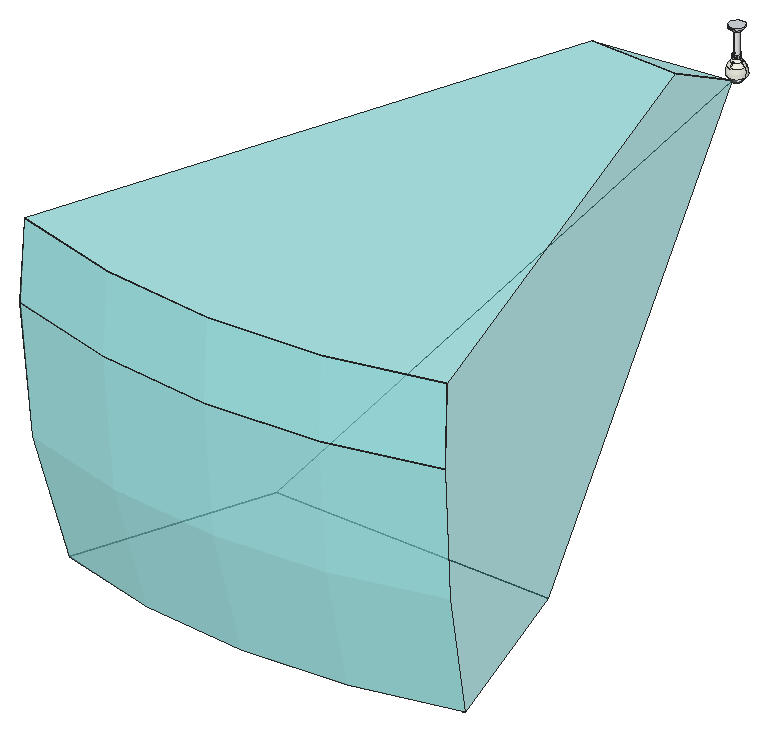
Revit family "PTZ indoor Dome camera – Ceiling Mount_P1", category Security Devices, Revit 2017
Family settings
  Maintain Annotation Orientation = No
  Round Connector Dimension = Use Diameter
  Part Type = Normal
  OmniClass Number = 23.85.30.17.14
  OmniClass Title = Video Surveillance
  Work Plane-Based = No
  Always vertical = Yes
  Cut with Voids When Loaded = No
  Shared = No
  Room Calculation Point = No
Parameters (values of type "HONEYWELL HDZ302D_Ceiling Mount_P1")
  _Upper Limit [instance] = if(FOV Upper Limit + _H + _Origin Vertical < 0.00 mm, 0.00 mm, FOV Upper Limit + _H + _Origin Vertical)  # 685.50 mm
  _Bottom Limit [instance] = if(FOV Bottom Limit - _H - _Origin Vertical < 0.00 mm, 0.00 mm, FOV Bottom Limit - _H - _Origin Vertical)  # 2214.50 mm
  _H = cos(Mounting Angle) * X  # 150.00 mm
  X = 150.00 mm
  _posOffset [instance] = if(_Origin Vertical > 0.00 mm, abs(_Origin Vertical), 0.00 mm)  # 235.50 mm
  _negOffset [instance] = if(_Origin Vertical < 0.00 mm, abs(_Origin Vertical), 0.00 mm)  # 0.00 mm
  Wireless = no
  User Input 02 [instance] = ""
  User Input 01 [instance] = ""
  Target Resolution Units [instance] = if(Metric, "Pixels per meter", "Pixels per foot")  # "Pixels per meter"
  Target Area [instance] = ""
  Origin Vertical = 750.00 mm
  _Origin Vertical [instance] = if(Ceiling Mount, Pendant Length, Origin Vertical)  # 235.50 mm
  URL = "www.honeywell.com"
  Show Field of View [instance] = yes
  Power over Ethernet Class = ""
  Power over Ethernet = ""
  Pendant Kit = ""
  PTZ = no
  Network Port [instance] = ""
  Model = "HDZ302D"
  Metric = yes
  Manufacturer = ""
  Pendant Status Message [instance] = if(Pendant Length > 750.00 mm, "Exceeds standard size", "OK")  # "OK"
  Lens Minimum Value [instance] = 4.50 mm  # constant formula
  Lens Maximum Value [instance] = 13.50 mm  # constant formula
  Housing Type = Camera_House : Default
  Origin Horizontal = 0.00 mm
  FOV Vertical Resolution [instance] = 1080
  FOV Tilt [instance] = 0.00°
  FOV Target Resolution [instance] = 180
  FOV Pan [instance] = 0.00°
  FOV Horizontal Resolution [instance] = 1920
  FOV Horizontal Minimum [instance] = 2.53°
  FOV Horizontal Maximum [instance] = 62.35°
  FOV Focal Length Minimum [instance] = 4.5
  FOV Focal Length Maximum [instance] = 13.5
  FOV Distance to Object [instance] = 6000.00 mm
  FOV Upper Limit [instance] = 300.00 mm
  FOV Desired Focal Length [instance] = 4.5
  FOV Bottom Limit [instance] = 2600.00 mm
  Pendant Length [instance] = 235.50 mm
  FOV Actual Focal Length [instance] = if(FOV Desired Focal Length > FOV Focal Length Maximum, FOV Focal Length Maximum, if(FOV Desired Focal Length < FOV Focal Length Minimum, FOV Focal Length Minimum, FOV Desired Focal Length))  # 4.5
  Ethernet Connector = ""
  Description = "HONEYWELL HDZ302D_Ceiling Mount_P1"
  Corridor Format [instance] = yes
  Corridor [instance] = yes
  Ceiling Mount = yes
  Mounting Angle = 0.00°
  Camera Number [instance] = "HDZ302D"
  Camera Name [instance] = "HONEYWELL HDZ302D_Ceiling Mount_P1"
  Audio = no
  Assembly Code = ""
  Actual Corridor [instance] = and(Corridor Format, Corridor)  # yes
  Accessories = ""
Reference planes
  plane 1 "Center (Front/Back)": y = 0
  plane 2 "Camera House Top": z = -235.5
  plane 3 "Center (Left/Right)": x = 0
  plane 4 "FOV Bottom Limit": z = -2600
  plane 5 "Horizontal Origin": y = 0
  plane 6 "negOffset": z = 0
  plane 7: z = 0
Lines and regions (mm)
  reference lines
    curve 1: line (0, 0, -235.5) -> (0, 0, -85.5)
    curve 2: line (0, 0, -85.5) -> (0, 0, 85)
    curve 3: line (0, 0, -85.5) -> (0, 120.87, -85.5)
    curve 4: line (0, 0, -85.5) -> (0, 45.15, -85.5)
    curve 7: line (0, 0, -85.5) -> (0, 75, -85.5)
    curve 8: line (-65, 0, 0) -> (65, 0, 0)
    curve 9: line (0, 0, 0) -> (0, 0, -2600)
  symbolic lines, style "InvisibleLines"
    curve 5: line (0, 23, -2600) -> (0, -23, -2600)
    curve 6: line (-23, 0, -2600) -> (23, 0, -2600)
  model lines
    curve 10: line (153.274, -82.848, 0) -> (204.932, -82.848, 0)
Dimensions and locks
  "X": curve 1 to curve 1
  locked: curve 3 to plane 1 "Center (Front/Back)" at 120.87
  "Origin Horizontal": plane 5 "Horizontal Origin" to plane 1 "Center (Front/Back)"
  "_negOffset": plane 6 "negOffset" to level
  "_posOffset": plane 6 "negOffset" to plane 2 "Camera House Top"
  "FOV Bottom Limit": level to plane 4 "FOV Bottom Limit"
  locked: connector elem to plane 5 "Horizontal Origin"
  locked: curve 2 to curve 7
  angle plane 1 "Center (Front/Back)" to curve 1 = 0.00°
  "FOV Pan": angle curve 4 to curve 3
  aligned and locked: plane 1 "Center (Front/Back)" to curve 1
  aligned and locked: plane 3 "Center (Left/Right)" to curve 2
  aligned and locked: nested 2 to plane 3 "Center (Left/Right)"
  aligned and locked: level to plane 7
  aligned and locked: plane 3 "Center (Left/Right)" to nested 1
  aligned and locked: plane 1 "Center (Front/Back)" to nested 1
  aligned and locked: curve 3 to curve 4
  aligned and locked: plane 2 "Camera House Top" to curve 1
  aligned and locked: curve 7 to curve 4
  aligned and locked: plane 5 "Horizontal Origin" to curve 8
  aligned and locked: curve 9 to plane 5 "Horizontal Origin"
  aligned and locked: plane 4 "FOV Bottom Limit" to curve 9
  aligned and locked: plane 7 to curve 9
Automatic sketch dimensions
  plane 1 "Center (Front/Back)" to curve 6 = 0.00 mm
  curve 5 to plane 3 "Center (Left/Right)" = 0.00 mm
  plane 3 "Center (Left/Right)" to curve 6 = 23.00 mm
  curve 6 to plane 3 "Center (Left/Right)" = 23.00 mm
  curve 5 to plane 1 "Center (Front/Back)" = 23.00 mm
  plane 1 "Center (Front/Back)" to curve 5 = 23.00 mm
  curve 3 to curve 7 = 75.00 mm
  curve 7 to curve 3 = 0.00 mm
  curve 8 to plane 3 "Center (Left/Right)" = 65.00 mm
  plane 3 "Center (Left/Right)" to curve 8 = 65.00 mm
  level to curve 2 = 85.00 mm
  curve 10 to curve 10 = 51.658 mm
  plane 1 "Center (Front/Back)" to curve 10 = 82.848 mm
  plane 3 "Center (Left/Right)" to curve 10 = 153.274 mm
  curve 7 to curve 4 = 0.00 mm
Nested families
  nested 1: "Camera-Dome-AXIS-2D_Symbol" at (0, 0, 0), PTZ <- "PTZ", type "Default", detail levels coarse
    with PTZ no
  nested 2: "Ceiling Mount_PTZ" at (0, 0, -235.5) x (0, 1, 0) z (0, 0, 1), Ceiling Mount Vertical Distance <- "Pendant Length", type "Ceiling Mount"
    with Ceiling Mount Vertical Distance 235.50 mm
  nested 3: "Honeywell" at (0, -51.25, -435.5) x (1, 0, 0) z (0, -1, 0), Tilt <- "FOV Tilt", Vertical Res <- "FOV Vertical Resolution", Horizontal Res <- "FOV Horizontal Resolution", visible <- "Show Field of View", FOV Upper Limit <- "_Upper Limit", FOV Distance to Object <- "FOV Distance to Object", FOV Bottom Limit <- "_Bottom Limit", Target Resolution <- "FOV Target Resolution", FOV Horizontal Min <- "FOV Horizontal Minimum", FOV Horizontal Max <- "FOV Horizontal Maximum", Focal Length Minimum <- "FOV Focal Length Minimum", Focal Length Maximum <- "FOV Focal Length Maximum", Metric <- "Metric", Focal Length <- "FOV Actual Focal Length", Corridor <- "Corridor Format", IDFOV <- "Camera Name", type "Default"
    with yr 6039.032 mm, yf 6395.624 mm, y 6039.032 mm, x 1.00 mm, k 0.34033, _Target Resolution 180, XEff Min 5.445 mm, XEff Max 0.596 mm, XEff 5.445 mm, Vertical Res 1080, Vertical Angle 18.7948°, Tilt 0.00°, Target Resolution 180, Resolution Guide Width 7319.635 mm, Resolution Guide Heigth 4117.295 mm, Resolution Guide Distance 6047.032 mm, Resolution 0.26231, Metric yes, IDFOV "HONEYWELL HDZ302D_Ceiling Mount_P1", Horizontal Res 1920, Horizontal Angle 31.175°, Focal Length Minimum 4.5, Focal Length Maximum 13.5, Focal Length 4.5, FOV Width 7319.635 mm, FOV Wide Angle 62.35°, FOV Vertical Max 31.175°, FOV Upper Limit 685.50 mm, FOV Horizontal Min 2.53°, FOV Horizontal Max 62.35°, FOV Horisontal angle Negative -18.7948°, FOV Horisontal angle 18.7948°, FOV Height 4117.295 mm, FOV Distortion Trim Length 7049.032 mm, FOV Distance to Object 6000.00 mm, FOV Distance 6049.032 mm, FOV Bottom Limit 2214.50 mm, DTR 10851.827 mm, DTO 16166.327 mm, DTF 12380.827 mm, Corridor yes
  nested 4: "Camera Eye" at (-4.103, 2.003, -190.607) x (1, 0, 0) z (0, 0, -1), type "Standard"
    with View Distance -22.156 mm, Tilt Angle 60.00°, Pan Angle 60.00°, FoV V 0.00 mm, FoV H 0.00 mm, FoV Contraint H 0.00°, FoV Constraint V 0.00°
Connectors
  electrical at (0, 0, 0), driven by "Ethernet Connector"
    settings: index 1, voltage 0 V, apparent load 0 VA, apparent load phase1 0 VA, apparent load phase2 0 VA, apparent load phase3 0 VA, power factor 1, load classification "Other", number of poles 1, system type 10, power factor state 1, is connector primary yes, connector utility no, sub classification motor no, connector description ""
Definition of nested family "Ceiling Mount_PTZ"
  Parameters (values of type "Ceiling Mount")
    Wall Mount Vertical Distance = 102.00 mm
    Wall Mount Horizontal Distance = 220.00 mm
    Wall Mount = no
    Pendant Adapter = yes
    Parapet Mount Vertical Distance Mounting End = 583.00 mm
    Parapet Mount Vertical Distance Camera End = 106.00 mm
    Parapet Mount Horizontal Distance = 298.00 mm
    Parapet Mount = no
    Default Elevation = 1219.20 mm
    Corner Mount = no
    Ceiling Mount Vertical Distance [instance] = 750.00 mm
    Ceiling Mount = yes
  Reference planes
    plane 1 "Center (Front/Back)": y = 0
    plane 2: z = 0
    plane 3 "Center (Left/Right)": x = 0
    plane 4: z = 102
    plane 5 "Adapter Top": z = 60
    plane 6 "Arm Mount Ceiling": z = 715
    plane 7 "Parapet Mount Fillet": z = 106
    plane 8: x = -25
    plane 9: x = 25
    plane 10: z = 22
    plane 11: x = -46
    plane 12: x = 46
    plane 13: z = 19
    plane 14: z = 750
    plane 15: x = -27.5
    plane 16: x = 27.5
    plane 17: x = -47.5
    plane 18: x = 47.5
  Forms (mm)
    Extrusion 1, solid, visible <- "Ceiling Mount"
      sketch origin (0, 0, 0) x (1, 0, 0) y (0, 1, 0)
        loop
          circle (0, 0) r 23
      from 0 to 715
  Lines and regions (mm)
    Masking region 1, visible <- "Ceiling Mount", detail levels medium+fine
      outline origin (0, 0, 0) x (1, 0, 0) y (0, 1, 0)
        loop
          line (-97.5, 67.5) -> (-97.5, -67.5) -> (97.5, -67.5) -> (97.5, 67.5) -> (-97.5, 67.5)
    Masking region 2, visible <- "Parapet Mount", detail levels medium+fine
      outline origin (0, 0, 0) x (1, 0, 0) y (0, 1, 0)
        loop
          line (-200.5, 67.5) -> (-395.5, 67.5) -> (-395.5, -67.5) -> (-200.5, -67.5) -> (-200.5, 67.5)
    Masking region 3, visible <- "Wall Mount", detail levels medium+fine
      outline origin (0, 0, 0) x (1, 0, 0) y (0, 1, 0)
        loop
          line (-220, 67.5) -> (-220, -67.5) -> (-184, -67.5) -> (-184, 67.5) -> (-220, 67.5)
    Masking region 4, visible <- "Parapet Mount", detail levels medium+fine
      outline origin (0, 0, 0) x (1, 0, 0) y (0, 1, 0)
        loop
          arc (-298, 23) -> (-314.263, 16.263) -> (-321, 0) r 23
          arc (-321, 0) -> (-314.263, -16.263) -> (-298, -23) r 23
          line (-298, -23) -> (0, -23)
          arc (0, -23) -> (16.263, -16.263) -> (23, 0) r 23
          arc (23, 0) -> (16.263, 16.263) -> (0, 23) r 23
          line (0, 23) -> (-298, 23)
    Masking region 5, visible <- "Wall Mount", detail levels medium+fine
      outline origin (0, 0, 0) x (1, 0, 0) y (0, 1, 0)
        loop
          arc (23, 0) -> (16.263, 16.263) -> (0, 23) r 23
          line (0, 23) -> (-184, 23) -> (-184, -23) -> (0, -23)
          arc (0, -23) -> (16.263, -16.263) -> (23, 0) r 23
    symbolic lines, visible <- "Corner Mount", detail levels medium+fine
      curve 1: line (-302.5, 67.5, 0) -> (-220, 67.5, 0)
      curve 2: line (-404, 169, 0) -> (-302.5, 67.5, 0)
      curve 3: line (-220, -67.5, 0) -> (-302.5, -67.5, 0)
      curve 4: line (-302.5, -67.5, 0) -> (-404, -169, 0)
  Dimensions and locks
    "Wall Mount Vertical Distance": plane 4 to plane 2
    locked: plane 5 "Adapter Top" to plane 2 at 60
    "Ceiling Mount Vertical Distance": plane 14 to plane 2
    "Parapet Mount Vertical Distance Camera End": plane 7 "Parapet Mount Fillet" to plane 2
    equal spacing: plane 9, plane 3 "Center (Left/Right)", plane 8
    equal spacing: plane 12, plane 3 "Center (Left/Right)", plane 11
    locked: plane 9 to plane 8 at 50
    locked: plane 12 to plane 11 at 92
    locked: plane 10 to plane 2 at 22
    locked: plane 13 to plane 2 at 19
    plane 14 to plane 6 "Arm Mount Ceiling" = 35.00 mm
    equal spacing: plane 16, plane 3 "Center (Left/Right)", plane 15
    locked: plane 16 to plane 15 at 55
    equal spacing: plane 18, plane 3 "Center (Left/Right)", plane 17
    locked: plane 18 to plane 17 at 95
    radius of Extrusion 1 sketch curve = 23.00 mm
    aligned and locked: level to plane 2
    aligned and locked: plane 3 "Center (Left/Right)" to Extrusion 1 sketch curve
    aligned and locked: plane 1 "Center (Front/Back)" to Extrusion 1 sketch curve
    aligned and locked: plane 6 "Arm Mount Ceiling" to Extrusion 1
    aligned and locked: nested 1 to plane 1 "Center (Front/Back)"
    aligned and locked: plane 3 "Center (Left/Right)" to nested 1
    aligned and locked: Masking region 4 sketch curve to Extrusion 1  (x2)
    aligned and locked: Masking region 5 sketch curve to Extrusion 1  (x2)
    aligned and locked: Masking region 3 to Masking region 5 sketch curve
    aligned and locked: Extrusion 1 to plane 2
    aligned and locked: plane 6 "Arm Mount Ceiling" to nested 1
    aligned and locked: plane 14 to nested 1
  Automatic sketch dimensions
    curve 1 to plane 1 "Center (Front/Back)" = 67.50 mm
    curve 1 to curve 2 = 101.50 mm
    plane 1 "Center (Front/Back)" to curve 4 = 67.50 mm
    curve 4 to curve 3 = 101.50 mm  (x2)
    plane 1 "Center (Front/Back)" to Masking region 3 sketch curve = 67.50 mm
    Masking region 3 sketch curve to plane 1 "Center (Front/Back)" = 67.50 mm
    curve 2 to plane 17 = 255.00 mm
    curve 4 to curve 1 = 0.00 mm
    curve 2 to curve 1 = 101.50 mm
    curve 3 to curve 3 = 82.50 mm
    curve 1 to curve 1 = 82.50 mm
    Masking region 3 sketch curve to plane 17 = 172.50 mm
    Masking region 3 sketch curve to Masking region 3 sketch curve = 36.00 mm
    Masking region 2 sketch curve to plane 1 "Center (Front/Back)" = 67.50 mm
    Masking region 2 sketch curve to plane 17 = 348.00 mm
    plane 1 "Center (Front/Back)" to Masking region 2 sketch curve = 67.50 mm
    Masking region 2 sketch curve to plane 17 = 153.00 mm
    Masking region 1 sketch curve to plane 17 = 50.00 mm
    plane 18 to Masking region 1 sketch curve = 50.00 mm
    plane 1 "Center (Front/Back)" to Masking region 1 sketch curve = 67.50 mm
    Masking region 1 sketch curve to plane 1 "Center (Front/Back)" = 67.50 mm
  Nested families
    nested 1: "Arm_Mount-AXIS-T91A6X" at (0, 0, 715) x (0, 1, 0) z (0, 0, 1), visible <- "Ceiling Mount", type "Type 1"
      with Corner Mount no
    nested 2: "HDZNPTA" at (0, 0, -25), type "HDZNPTA"
  Definition of nested family "Arm_Mount-AXIS-T91A6X"
    Parameters (values of type "Type 1")
      Default Elevation = 1219.20 mm
      Corner Mount [instance] = yes
    Reference planes
      plane 1 "Center (Front/Back)": y = 0
      plane 2: z = 0
      plane 3 "Center (Left/Right)": x = 0
      plane 4: z = 75
      plane 5: z = 33
      plane 6: x = -67.5
      plane 7: x = 67.5
      plane 8: y = 97.5
      plane 9: y = -97.5
      plane 10: x = -35.5
      plane 11: x = 35.5
      plane 12: x = 27.5
      plane 13: x = -27.5
      plane 14: z = 39
      plane 15: z = 80
      plane 16: x = -72.5
      plane 17: x = 72.5
      plane 18: x = -169
      plane 19: z = 259
      plane 20: x = 169
    Forms (mm)
      Revolve 1, solid
        sketch origin (0, 0, 0) x (1, 0, 0) y (0, 0, 1)
          loop
            arc (41.3, 0) -> (55.292, 11.508) -> (66.8, 25.5) r 93.412
            line (66.8, 25.5) -> (0, 25.5) -> (0, 0) -> (41.3, 0)
          axis (0, 25.5) -> (0, 0)
        angle from 0 to 360
      Extrusion 2, solid
        sketch origin (0, 0, 0) x (1, 0, 0) y (0, 1, 0)
          loop
            circle (0, 0) r 66.8
        from 25.5 to 35
    Lines and regions (mm)
      reference lines
        curve 1: line (0, 0, 90) -> (169, 0, 259)
        curve 2: line (0, 0, 90) -> (-169, 0, 259)
        curve 3: line (0, 0, 82.929) -> (-169, 0, 251.929)
        curve 4: line (0, 0, 82.929) -> (169, 0, 251.929)
    Dimensions and locks
      plane 4 to plane 5 to plane 2 = 42.00 mm locked, 33.00 mm locked
      equal spacing: plane 8, plane 1 "Center (Front/Back)", plane 9
      plane 8 to plane 9 = 195.00 mm
      equal spacing: plane 6, plane 3 "Center (Left/Right)", plane 7
      plane 6 to plane 7 = 135.00 mm
      equal spacing: plane 12, plane 3 "Center (Left/Right)", plane 13
      locked: plane 12 to plane 13 at 55
      equal spacing: plane 11, plane 3 "Center (Left/Right)", plane 10
      locked: plane 11 to plane 10 at 71
      locked: plane 14 to plane 5 at 6
      plane 15 to plane 4 = 5.00 mm
      plane 6 to plane 16 = 5.00 mm
      plane 17 to plane 7 = 5.00 mm
      equal spacing: plane 20, plane 3 "Center (Left/Right)", plane 18
      locked: plane 20 to plane 18 at 338
      locked: plane 19 to plane 4 at 184
      locked: curve 3 to curve 2 at 5
      locked: curve 4 to curve 1 at 5
      plane 5 to level = 33.00 mm
      diameter of Extrusion 2 = 133.60 mm
      angle curve 2 to plane 15 = 45.00°
      angle plane 15 to curve 1 = 45.00°
      aligned and locked: level to plane 2
      aligned and locked: Revolve 1 sketch curve to plane 3 "Center (Left/Right)"
      aligned and locked: plane 3 "Center (Left/Right)" to curve 2
    Automatic sketch dimensions
      curve 3 to plane 18 = 0.00 mm
      curve 4 to plane 20 = 0.00 mm
      curve 1 to plane 19 = 0.00 mm
      curve 1 to plane 20 = 0.00 mm
      plane 1 "Center (Front/Back)" to Extrusion 2 sketch curve = 0.00 mm
      Extrusion 2 sketch curve to plane 3 "Center (Left/Right)" = 0.00 mm
      Revolve 1 sketch curve to level = 0.00 mm
      Revolve 1 sketch curve to plane 3 "Center (Left/Right)" = 0.00 mm
      Revolve 1 sketch curve to plane 15 = 2.44 mm
      Revolve 1 sketch curve to plane 5 = 7.50 mm
      plane 11 to Revolve 1 sketch curve = 5.80 mm
      Revolve 1 sketch curve to plane 7 = 0.70 mm
      Revolve 1 sketch curve to level = 36.387 mm
      plane 15 to Revolve 1 sketch curve = 31.352 mm
      radius of Extrusion 2 sketch curve = 66.80 mm
  Definition of nested family "HDZNPTA"
    Reference planes
      plane 1 "Center (Front/Back)": y = 0
      plane 2: z = 0
      plane 3 "Center (Left/Right)": x = 0
    Forms (mm)
      Extrusion 1, solid
        sketch origin (-0.625, -0.625, 0) x (1, 0, 0) y (0, 1, 0)
          loop
            circle (0.625, 0.625) r 18.622
          loop
            line (-22.455, -24.811) -> (-8.169, -32.729) -> (-6.977, -32.729)
            arc (-6.977, -32.729) -> (-4.59, -30.308) -> (-1.273, -29.568) r 6.015
            arc (-1.273, -29.568) -> (17.192, -24.763) -> (29.092, -9.849) r 30.201
            arc (29.092, -9.849) -> (30.672, -8.381) -> (32.742, -7.774) r 4.701
            line (32.742, -7.774) -> (32.742, 10.359)
            arc (32.742, 10.359) -> (30.375, 11.013) -> (28.595, 12.707) r 5.054
            arc (28.595, 12.707) -> (15.353, 27.097) -> (-3.868, 30.702) r 31.014
            arc (-3.868, 30.702) -> (-6.735, 31.136) -> (-8.91, 33.053) r 5.14
            line (-8.91, 33.053) -> (-23.522, 23.835)
            arc (-23.522, 23.835) -> (-23.007, 21.335) -> (-23.522, 18.835) r 6.331
            arc (-23.522, 18.835) -> (-27.64, 14.015) -> (-33.764, 12.374) r 10.69
            arc (-33.764, 12.374) -> (-37.649, 10.765) -> (-39.258, 6.881) r 5.494
            line (-39.258, 6.881) -> (-39.258, -7.195)
            arc (-39.258, -7.195) -> (-36.288, -11.613) -> (-31.168, -13.073) r 7.751
            arc (-31.168, -13.073) -> (-28.655, -12.862) -> (-26.337, -13.853) r 5.222
            line (-26.337, -13.853) -> (-23.14, -17.47)
            arc (-23.14, -17.47) -> (-21.824, -21.05) -> (-22.455, -24.811) r 7.443
          loop
            line (-36.67, 4.655) -> (-36.67, -5.192)
            arc (-36.67, -5.192) -> (-34.172, -7.689) -> (-31.674, -5.192) r 2.498
            arc (-31.674, -5.192) -> (-31.91, -0.192) -> (-31.674, 4.808) r 53.172
            arc (-31.674, 4.808) -> (-34.251, 7.307) -> (-36.67, 4.655) r 2.5
        from 0 to 48
      Revolve 2, void
        sketch origin (0, 0, 0) x (1, 0, 0) y (0, 0, 1)
          loop
            line (21.501, 25) -> (55.117, 25) -> (55.117, 48) -> (20.413, 48) -> (20.413, 46) -> (21.501, 46) -> (21.501, 45.012) -> (20.413, 45.012) -> (20.413, 44) -> (21.501, 44) -> (21.501, 43.012) -> (20.413, 43.012) -> (20.413, 42) -> (21.501, 42) -> (21.501, 41.012) -> (20.413, 41.012) -> (20.413, 40) -> (21.501, 40) -> (21.501, 39.012) -> (20.413, 39.012) -> (20.413, 38) -> (21.501, 38) -> (21.501, 37.012) -> (20.413, 37.012) -> (20.413, 36) -> (21.501, 36) -> (21.501, 35.012) -> (20.413, 35.012) -> (20.413, 34) -> (21.501, 34) -> (21.501, 33.012) -> (20.413, 33.012) -> (20.413, 32) -> (21.501, 32) -> (21.501, 31.012) -> (20.413, 31.012) -> (20.413, 30) -> (21.501, 30) -> (21.501, 29.012) -> (20.413, 29.012) -> (20.413, 28) -> (21.501, 28) -> (21.501, 27.012) -> (20.413, 27.012) -> (20.413, 26) -> (21.501, 26) -> (21.501, 25)
          axis (0, 48) -> (0, 25)
        angle from 0 to 360
    Cuts and joins
      Revolve 2 cuts Extrusion 1
    Dimensions and locks
      cut or joined group of Extrusion 1, Revolve 2 to cut or joined group of Extrusion 1, Revolve 2 = 72.00 mm
      cut or joined group of Extrusion 1, Revolve 2 to cut or joined group of Extrusion 1, Revolve 2 = 48.00 mm
      aligned and locked: level to plane 2
Definition of nested family "Honeywell"
  Parameters (values of type "Default")
    yr [instance] = sqrt(FOV Distance to Object ^ 2 + FOV Upper Limit ^ 2)  # 8005.623 mm
    yf [instance] = sqrt(FOV Distance to Object ^ 2 + FOV Bottom Limit ^ 2)  # 8443.341 mm
    y [instance] = if(and((Tilt > 0.00°), (Tilt < 180.00°)), yf, yr)  # 8443.341 mm
    x [instance] = 1.00 mm  # constant formula
    k [instance] = XEff / 2.00 mm * (Vertical Res / Horizontal Res) / Focal Length  # 0.32476
    _Target Resolution [instance] = if(Metric, Target Resolution, Target Resolution / 0.3048)  # 400
    XEff Min [instance] = 2.00 mm * Focal Length Minimum * tan(FOV Horizontal Max / 2)  # 1.155 mm
    XEff Max [instance] = 2.00 mm * Focal Length Maximum * tan(FOV Horizontal Min / 2)  # 2.309 mm
    XEff [instance] = if((Focal Length Maximum - Focal Length Minimum) = 0, XEff Min, (Focal Length - Focal Length Minimum) * (XEff Max - XEff Min) / (Focal Length Maximum - Focal Length Minimum) + XEff Min)  # 2.309 mm
    Vertical Res [instance] = 1080
    Vertical Angle [instance] = atan(k)  # 17.9917°
    Tilt [instance] = 20.00°
    Target Resolution [instance] = 400
    Resolution [instance] = Horizontal Res / (FOV Width / 1.00 mm)  # 0.1967
    Metric [instance] = yes
    IDFOV [instance] = ""
    Horizontal Res [instance] = 1920
    Horizontal Angle [instance] = atan(XEff / 2.00 mm / Focal Length)  # 30.00°
    Focal Length Minimum [instance] = 1
    Focal Length Maximum [instance] = 2
    Resolution Guide Width [instance] = if((Horizontal Res * 1000.00 mm) / (_Target Resolution) < FOV Width, (Horizontal Res * 1000.00 mm) / (_Target Resolution), FOV Width)  # 4800.00 mm
    FOV Width [instance] = FOV Distance * XEff / (Focal Length * 1.00 mm)  # 9761.077 mm
    FOV Wide Angle [instance] = FOV Horizontal Max  # 60.00°
    FOV Vertical Max [instance] = if(Corridor, Horizontal Angle, Vertical Angle)  # 17.9917°
    FOV Horizontal Min [instance] = 60.00°
    FOV Horizontal Max [instance] = 60.00°
    Resolution Guide Heigth [instance] = Resolution Guide Width * Vertical Res / Horizontal Res  # 2700.00 mm
    FOV Horisontal angle Negative [instance] = if(Corridor, Vertical Angle, Horizontal Angle) * -1  # -30.00°
    FOV Horisontal angle [instance] = if(Corridor, Vertical Angle, Horizontal Angle)  # 30.00°
    FOV Height [instance] = FOV Width * Vertical Res / Horizontal Res  # 5490.606 mm
    FOV Upper Limit [instance] = 300.00 mm
    FOV Distortion Trim Length [instance] = FOV Distance + 1000.00 mm  # 9453.341 mm
    FOV Distance to Object [instance] = 8000.00 mm
    FOV Bottom Limit [instance] = 2700.00 mm
    Resolution Guide Distance [instance] = Resolution Guide Width * (Focal Length * 1.00 mm) / XEff - 2.00 mm  # 4154.922 mm
    FOV Distance [instance] = y + 10.00 mm  # 8453.341 mm
    Focal Length [instance] = 2
    Default Elevation = 1219.20 mm
    DTR [instance] = FOV Height + FOV Distance + FOV Upper Limit  # 14243.946 mm
    DTO [instance] = FOV Height + FOV Distance + FOV Distance to Object  # 21943.946 mm
    DTF [instance] = FOV Height + FOV Distance + FOV Bottom Limit  # 16643.946 mm
    Corridor [instance] = no
  Reference planes
    plane 1 "Center (Front/Back)": y = 0
    plane 2: z = 0
    plane 3 "Center (Left/Right)": x = 0
    plane 4: z = 8000
    plane 5: z = -8000
    plane 6: y = -2700
    plane 7: z = 21943.946
    plane 8: y = 300
    plane 9: y = -21943.946
    plane 10: z = -21943.946
    plane 11: y = 14243.946
    plane 12: x = -21943.946
    plane 13: x = 21943.946
  Forms (mm)
    Extrusion 1, void
      sketch origin (0, 0, 0) x (0, 1, 0) y (0, 0, 1)
        loop
          line (14243.946, 21943.946) -> (300, 21943.946) -> (300, -21943.946) -> (14243.946, -21943.946) -> (14243.946, 21943.946)
        loop
          line (-21943.946, 21943.946) -> (-21943.946, -21943.946) -> (-2700, -21943.946) -> (-2700, 21943.946) -> (-21943.946, 21943.946)
      from -27797.579 to 25408.475
    Revolve 2, solid
      sketch origin (0, 0, 0) x (0, -0.34202, 0.939693) y (0, -0.939693, -0.34202)
        loop
          line (0, 0) -> (3951.752, -1283.369)
          arc (3951.752, -1283.369) -> (4103.815, -649.676) -> (4154.922, 0) r 4154.922
          arc (4154.922, 0) -> (4103.815, 649.676) -> (3951.752, 1283.369) r 4154.922
          line (3951.752, 1283.369) -> (0, 0)
        axis (0, 1283.369) -> (0, -1283.369)
      angle from -30 <- "FOV Horisontal angle Negative" to 30 <- "FOV Horisontal angle"
    Revolve 3, solid
      sketch origin (0, 0, 0) x (0, -0.34202, 0.939693) y (0, -0.939693, -0.34202)
        loop
          line (3951.752, -1283.369) -> (8039.983, -2611.061)
          arc (8039.983, -2611.061) -> (8349.362, -1321.789) -> (8453.341, 0) r 8453.341
          arc (8453.341, 0) -> (8349.362, 1321.789) -> (8039.983, 2611.061) r 8453.341
          line (8039.983, 2611.061) -> (3951.752, 1283.369)
          arc (3951.752, 1283.369) -> (4103.815, 649.676) -> (4154.922, 0) r 4154.922
          arc (4154.922, 0) -> (4103.815, -649.676) -> (3951.752, -1283.369) r 4154.922
        axis (0, 2611.061) -> (0, -2611.061)
      angle from -30 <- "FOV Horisontal angle Negative" to 30 <- "FOV Horisontal angle"
    Extrusion 4, void
      sketch origin (0, 0, 0) x (0, -0.34202, 0.939693) y (0, -0.939693, -0.34202)
        loop
          line (0, 0) -> (8991.084, 2919.94) -> (8064.85, 5772.002) -> (-9708.308, 0) -> (8064.85, -5772.002) -> (8991.084, -2919.94) -> (0, 0)
      from -27797.579 to 25408.475
  Cuts and joins
    Extrusion 1, Extrusion 4 cuts Revolve 3
    Extrusion 1, Extrusion 4 cuts Revolve 2
  Lines and regions (mm)
    reference lines
      curve 1: line (0, 0, 0) -> (0, -2891.213, 7943.542)
      curve 2: line (0, 0, 0) -> (0, -1421.067, 3904.349)
      curve 3: line (0, 0, 0) -> (0, -331.286, 9447.534)
      curve 4: line (0, 0, 0) -> (0, -5818.978, 7450.177)
  Dimensions and locks
    "FOV Distance": curve 1 to curve 1
    "FOV Distance to Object": plane 4 to plane 2
    "DTO": plane 7 to plane 2
    "FOV Upper Limit": plane 8 to plane 1 "Center (Front/Back)"
    "FOV Bottom Limit": plane 1 "Center (Front/Back)" to plane 6
    "DTO": plane 1 "Center (Front/Back)" to plane 9
    "DTO": plane 2 to plane 10
    "Resolution Guide Distance": curve 2 to curve 2
    "DTR": plane 11 to plane 1 "Center (Front/Back)"
    "FOV Distance to Object": plane 2 to plane 5
    equal spacing: plane 13, plane 3 "Center (Left/Right)", plane 12
    "DTO": plane 3 "Center (Left/Right)" to plane 12
    "FOV Distortion Trim Length": curve 4 to curve 4
    "FOV Distortion Trim Length": curve 3 to curve 3
    "Resolution Guide Distance": radius of Revolve 3 sketch curve  (x2)
    "Tilt": angle curve 1 to plane 1 "Center (Front/Back)"
    "Tilt": angle curve 2 to plane 1 "Center (Front/Back)"
    "FOV Vertical Max": angle Revolve 2 sketch curve to Revolve 2 sketch curve  (x2)
    "FOV Vertical Max": angle Revolve 3 sketch curve to Revolve 3 sketch curve  (x4)
    "FOV Vertical Max": angle curve 2 to curve 3
    "FOV Vertical Max": angle curve 4 to curve 2
    aligned and locked: level to plane 2
    aligned and locked: Extrusion 1 sketch curve to plane 9
    aligned and locked: Extrusion 1 sketch curve to plane 7
    aligned and locked: Extrusion 1 sketch curve to plane 10
    aligned and locked: Extrusion 1 sketch curve to plane 6
    aligned and locked: Extrusion 1 sketch curve to plane 8
    aligned and locked: level to curve 2
    aligned and locked: plane 1 "Center (Front/Back)" to curve 2
    aligned and locked: plane 1 "Center (Front/Back)" to curve 1
    aligned and locked: Extrusion 1 sketch curve to plane 11
    aligned and locked: level to curve 3
    aligned and locked: plane 1 "Center (Front/Back)" to curve 3
    aligned and locked: Extrusion 4 sketch curve to curve 4  (x2)
    aligned and locked: Extrusion 4 sketch curve to curve 3  (x2)
  Automatic sketch dimensions
    Extrusion 1 sketch curve to plane 7 = 0.00 mm
    Extrusion 1 sketch curve to plane 10 = 0.00 mm
    Extrusion 4 sketch curve to curve 2 = 0.00 mm
    Extrusion 4 sketch curve to curve 2 = 9708.308 mm
    curve 1 to level = 0.00 mm
    Revolve 2 sketch curve to Revolve 2 sketch curve = 0.00 mm  (x2)
    Revolve 2 sketch curve to curve 2 = 0.00 mm  (x6)
    Revolve 2 sketch curve to curve 2 = 0.50 mm
    curve 2 to Revolve 2 sketch curve = 0.50 mm
    Revolve 3 sketch curve to Revolve 3 sketch curve = 0.00 mm  (x12)
    Revolve 3 sketch curve to curve 1 = 0.00 mm  (x4)
    Revolve 3 sketch curve to curve 1 = 0.50 mm
    curve 1 to Revolve 3 sketch curve = 0.50 mm
Definition of nested family "Camera Eye"
  Parameters (values of type "Standard")
    Product Material = none
    FoV V [instance] = tan(FoV Constraint V / 2) * View Distance  # 0.00 mm
    FoV H [instance] = tan(FoV Contraint H / 2) * View Distance  # 0.00 mm
    FoV Contraint H [instance] = 0.00°
    FoV Constraint V [instance] = 0.00°
    View Distance [instance] = -22.156 mm
    Tilt Angle [instance] = 60.00°
    Pan Angle [instance] = 60.00°
    Default Elevation = 1219.20 mm
  Reference planes
    plane 1 "Center (Front/Back)": y = 0
    plane 2 "Center (Elevation)": z = 0
    plane 3 "Center (Left/Right)": x = 0
    plane 4: z = 0
    plane 5 "Pan Host": z = 219.504
    plane 6: y = 131.851
    plane 7: y = 172.195
    plane 8 "Void Top": z = 0
    plane 9 "Void Bottom": z = -10
  Forms (mm)
    Revolve 1, solid
      sketch origin (349.604, -2.451, 285.761) x (1, 0, 0) y (0, 0, -1)
        loop
          line (-350.004, 2) -> (-350.004, 66.256) -> (-408.505, 66.256) -> (-408.505, 57.673)
          arc (-408.505, 57.673) -> (-390.044, 18.5) -> (-350.004, 2) r 59.916
        axis (-350.004, 2) -> (-350.004, 66.256)
      angle from 0 to 360
    Revolve 2, solid
      sketch origin (350.076, -2.089, 286.149) x (1, 0, 0) y (0, 0, -1)
        loop
          line (-410.505, 68.256) -> (-410.505, 57.603)
          arc (-410.505, 57.603) -> (-391.433, 17.061) -> (-350.004, 0) r 61.916
          line (-350.004, 0) -> (-350.004, 68.256) -> (-410.505, 68.256)
        axis (-350.004, 0) -> (-350.004, 68.256)
      angle from 0 to 360
    Revolve 3, solid
      sketch origin (4.103, 2.003, 288.006) x (1, 0, 0) y (0, 0, -1)
        loop
          line (0, 218.113) -> (-25.829, 218.113)
          arc (-25.829, 218.113) -> (-32.935, 199.287) -> (-43.989, 182.473) r 91.372
          arc (-43.989, 182.473) -> (-57.642, 164.565) -> (-69.8, 145.611) r 277.922
          arc (-69.8, 145.611) -> (-78.867, 110.607) -> (-81.519, 74.545) r 201.095
          line (-81.519, 74.545) -> (-70.665, 74.545) -> (-66.517, 70.397) -> (0, 70.397) -> (0, 218.113)
        axis (0, 218.113) -> (0, 70.397)
      angle from 0 to 360
    Extrusion 4, void
      sketch origin (24.079, -53.086, 99.545) x (-0.992455, -0.122611, 0) y (-0.122611, 0.992455, 0)
        loop
          line (1.608, 115.57) -> (5.161, 93.247)
          arc (5.161, 93.247) -> (8.818, 91.546) -> (11.951, 94.086) r 3.807
          line (11.951, 94.086) -> (9.964, 116.603)
          arc (9.964, 116.603) -> (9.344, 118.25) -> (7.674, 118.807) r 2.047
          line (7.674, 118.807) -> (5.483, 118.536) -> (3.293, 118.266)
          arc (3.293, 118.266) -> (1.972, 117.217) -> (1.608, 115.57) r 2.523
      from -35.432 to 7.594
    Extrusion 5, void
      sketch origin (-15.873, 57.091, 99.545) x (0.992455, 0.122611, 0) y (0.122611, -0.992455, 0)
        loop
          line (1.608, 115.57) -> (5.161, 93.247)
          arc (5.161, 93.247) -> (8.818, 91.546) -> (11.951, 94.086) r 3.807
          line (11.951, 94.086) -> (9.964, 116.603)
          arc (9.964, 116.603) -> (9.344, 118.25) -> (7.674, 118.807) r 2.047
          line (7.674, 118.807) -> (5.483, 118.536) -> (3.293, 118.266)
          arc (3.293, 118.266) -> (1.972, 117.217) -> (1.608, 115.57) r 2.523
      from -35.432 to 7.594
    Revolve 6, solid
      sketch origin (4.103, 2.003, 3818.005) x (1, 0, 0) y (0, 0, -1)
        loop
          line (-61.517, 3600.396) -> (-61.517, 3590.82)
          arc (-61.517, 3590.82) -> (-43.456, 3547.568) -> (0, 3530.003) r 60.821
          line (0, 3530.003) -> (0, 3600.396) -> (-61.517, 3600.396)
        axis (0, 3600.396) -> (0, 3530.003)
      angle from 0 to 360
  Cuts and joins
    Extrusion 4, Extrusion 5 cuts Revolve 3
  Lines and regions (mm)
    reference lines
      curve 1: line (86.603, -50, 219.504) -> (0, 0, 219.504)
      curve 2: line (0, 0, 219.504) -> (0, 0, 227)
      curve 3: line (0, 0, 227) -> (43.301, -25, 227)
      curve 4: line (0, 0, 227) -> (32.476, -18.75, 291.952)
      curve 5: line (32.476, -18.75, 291.952) -> (34.976, -14.42, 291.952)
      curve 6: line (32.476, -18.75, 291.952) -> (28.726, -16.585, 294.452)
  Dimensions and locks
    plane 5 "Pan Host" to plane 4 = 219.504 mm
    plane 1 "Center (Front/Back)" to plane 6 to plane 7 = 131.851 mm locked, 40.343 mm locked
    curve 1 to curve 1 = 100.00 mm
    locked: curve 3 to curve 3 at 50
    curve 4 to curve 4 = 75.00 mm
    plane 4 to plane 2 "Center (Elevation)" = 0.00 mm
    plane 2 "Center (Elevation)" to plane 9 "Void Bottom" = 10.00 mm
    plane 8 "Void Top" to plane 2 "Center (Elevation)" = 0.00 mm
    "Pan Angle": angle plane 3 "Center (Left/Right)" to curve 1
    "Tilt Angle": angle curve 4 to curve 3
    aligned and locked: plane 2 "Center (Elevation)" to level
  Automatic sketch dimensions
    curve 3 to curve 1 = 0.00 mm
    curve 1 to curve 2 = 0.00 mm
    curve 5 to curve 6 = 5.00 mm
    curve 5 to curve 5 = 5.00 mm
    plane 5 "Pan Host" to Revolve 1 sketch curve = 0.001 mm
    Revolve 1 sketch curve to plane 3 "Center (Left/Right)" = 58.902 mm
    Revolve 1 sketch curve to Revolve 1 sketch curve = 58.502 mm
    Revolve 1 sketch curve to Revolve 1 sketch curve = 1.265 mm
    Revolve 1 sketch curve to Revolve 1 sketch curve = 4.353 mm
    Revolve 1 sketch curve to Revolve 1 sketch curve = 8.583 mm
    Revolve 1 sketch curve to Revolve 1 sketch curve = 0.00 mm
    Revolve 1 sketch curve to Revolve 1 sketch curve = 77.00 mm
    Revolve 1 sketch curve to plane 5 "Pan Host" = 178.743 mm
    curve 1 to curve 3 = 7.496 mm
    Revolve 2 sketch curve to plane 5 "Pan Host" = 1.611 mm
    Revolve 2 sketch curve to plane 3 "Center (Left/Right)" = 60.43 mm
    Revolve 2 sketch curve to Revolve 2 sketch curve = 60.502 mm
    plane 5 "Pan Host" to Revolve 2 sketch curve = 4.743 mm
    Revolve 2 sketch curve to Revolve 2 sketch curve = 1.265 mm
    plane 5 "Pan Host" to Revolve 2 sketch curve = 9.043 mm
    Revolve 2 sketch curve to Revolve 2 sketch curve = 0.00 mm
    Revolve 2 sketch curve to Revolve 2 sketch curve = 75.00 mm
    level to Revolve 2 sketch curve = 41.149 mm
    plane 3 "Center (Left/Right)" to Extrusion 4 sketch curve = 8.313 mm
    Extrusion 4 sketch curve to plane 1 "Center (Front/Back)" = 61.415 mm
    Extrusion 4 sketch curve to Extrusion 4 sketch curve = 1.685 mm
    Extrusion 4 sketch curve to Extrusion 4 sketch curve = 0.819 mm
    Extrusion 4 sketch curve to Extrusion 4 sketch curve = 3.553 mm
    Extrusion 4 sketch curve to Extrusion 4 sketch curve = 2.191 mm  (x2)
    Extrusion 4 sketch curve to Extrusion 4 sketch curve = 0.251 mm
    Extrusion 4 sketch curve to Extrusion 4 sketch curve = 3.19 mm
    Extrusion 4 sketch curve to Extrusion 4 sketch curve = 2.039 mm
    Extrusion 4 sketch curve to Extrusion 4 sketch curve = 3.60 mm
    Extrusion 4 sketch curve to Extrusion 4 sketch curve = 0.309 mm
    Extrusion 4 sketch curve to Extrusion 4 sketch curve = 0.723 mm
    Extrusion 4 sketch curve to Extrusion 4 sketch curve = 0.173 mm
    Extrusion 4 sketch curve to Extrusion 4 sketch curve = 0.271 mm
    Extrusion 4 sketch curve to Extrusion 4 sketch curve = 20.555 mm
    Extrusion 4 sketch curve to Extrusion 4 sketch curve = 1.239 mm
    Extrusion 5 sketch curve to plane 3 "Center (Left/Right)" = 0.107 mm
    plane 1 "Center (Front/Back)" to Extrusion 5 sketch curve = 57.41 mm
    Extrusion 5 sketch curve to Extrusion 5 sketch curve = 1.685 mm
    Extrusion 5 sketch curve to Extrusion 5 sketch curve = 2.504 mm
    Extrusion 5 sketch curve to Extrusion 5 sketch curve = 3.553 mm
    Extrusion 5 sketch curve to Extrusion 5 sketch curve = 2.191 mm  (x2)
    Extrusion 5 sketch curve to Extrusion 5 sketch curve = 0.251 mm
    Extrusion 5 sketch curve to Extrusion 5 sketch curve = 3.19 mm
    Extrusion 5 sketch curve to Extrusion 5 sketch curve = 2.039 mm
    Extrusion 5 sketch curve to Extrusion 5 sketch curve = 3.60 mm
    Extrusion 5 sketch curve to Extrusion 5 sketch curve = 0.309 mm
    Extrusion 5 sketch curve to Extrusion 5 sketch curve = 0.723 mm
    Extrusion 5 sketch curve to Extrusion 5 sketch curve = 0.173 mm
    Extrusion 5 sketch curve to Extrusion 5 sketch curve = 0.271 mm
    Extrusion 5 sketch curve to Extrusion 5 sketch curve = 20.555 mm
    Extrusion 5 sketch curve to Extrusion 5 sketch curve = 1.239 mm
    plane 5 "Pan Host" to Revolve 6 sketch curve = 7.68 mm
    Revolve 6 sketch curve to plane 3 "Center (Left/Right)" = 57.414 mm
    plane 3 "Center (Left/Right)" to Revolve 6 sketch curve = 3.407 mm
    Revolve 6 sketch curve to plane 5 "Pan Host" = 1.896 mm
    plane 3 "Center (Left/Right)" to Revolve 6 sketch curve = 4.103 mm  (x2)
    Revolve 6 sketch curve to Revolve 6 sketch curve = 4.607 mm
    Revolve 6 sketch curve to Revolve 6 sketch curve = 0.00 mm
    level to Revolve 3 sketch curve = 47.237 mm
    Revolve 3 sketch curve to plane 3 "Center (Left/Right)" = 110.244 mm
    Revolve 3 sketch curve to plane 5 "Pan Host" = 6.043 mm
    Revolve 3 sketch curve to plane 3 "Center (Left/Right)" = 77.416 mm
    Revolve 3 sketch curve to Revolve 3 sketch curve = 10.854 mm
    Revolve 3 sketch curve to plane 5 "Pan Host" = 1.896 mm
    Revolve 3 sketch curve to Revolve 3 sketch curve = 4.147 mm
    Revolve 3 sketch curve to plane 3 "Center (Left/Right)" = 21.726 mm
    plane 3 "Center (Left/Right)" to Revolve 3 sketch curve = 4.103 mm  (x2)
    Revolve 3 sketch curve to plane 5 "Pan Host" = 9.386 mm
    Revolve 3 sketch curve to Revolve 3 sketch curve = 119.549 mm
    Revolve 3 sketch curve to Revolve 3 sketch curve = 50.47 mm
    plane 5 "Pan Host" to Revolve 3 sketch curve = 63.346 mm
    level to Revolve 3 sketch curve = 69.893 mm
    Revolve 3 sketch curve to Revolve 3 sketch curve = 25.811 mm
    plane 5 "Pan Host" to Revolve 3 sketch curve = 216.41 mm
    Revolve 3 sketch curve to Revolve 3 sketch curve = 413.978 mm
    plane 1 "Center (Front/Back)" to curve 1 = 0.00 mm
    curve 1 to plane 3 "Center (Left/Right)" = 0.00 mm
    curve 4 to curve 3 = 0.00 mm  (x2)
Definition of nested family "Camera-Dome-AXIS-2D_Symbol"
  Parameters
    PTZ [instance] = yes
  Reference planes
    plane 1: y = 0
    plane 2: x = 0
  Lines and regions (mm)
    Filled region 1, type "Solid Black"
      outline origin (0, 0, 0) x (1, 0, 0) y (0, 1, 0)
        loop
          circle (0, 0) r 1.9
    Masking region 1
      outline origin (0, 0, 0) x (1, 0, 0) y (0, 1, 0)
        loop
          circle (0, 0) r 3
        loop
          circle (0, 0) r 1.9
    detail lines
      curve 1: arc (2.172, 1.377, 0) -> (0, 2.571, 0) -> (-2.172, 1.377, 0) r 2.571
      curve 2: line (-2.172, 1.377, 0) -> (-2.713, 1.281, 0)
      curve 3: line (-2.172, -1.377, 0) -> (-2.713, -1.281, 0)
      curve 4: line (2.172, 1.377, 0) -> (2.713, 1.281, 0)
      curve 5: line (2.172, -1.377, 0) -> (2.713, -1.281, 0)
      curve 6: arc (-2.172, -1.377, 0) -> (0, -2.571, 0) -> (2.172, -1.377, 0) r 2.571
    detail lines, visible <- "PTZ"
      curve 7: circle (0, 0, 0) r 4.421 normal (0, 0, 1)
      curve 8: line (3.788, 2.267, 0) -> (2.39, 2.748, 0)
      curve 9: line (3.788, 2.267, 0) -> (3.521, 3.641, 0)
      curve 10: line (-3.058, 3.197, 0) -> (-4.456, 2.716, 0)
      curve 11: line (-3.058, 3.197, 0) -> (-3.325, 1.823, 0)
      curve 12: line (-3.901, -2.08, 0) -> (-2.502, -2.562, 0)
      curve 13: line (-3.901, -2.08, 0) -> (-3.634, -3.454, 0)
      curve 14: line (3.058, -3.197, 0) -> (4.456, -2.716, 0)
      curve 15: line (3.058, -3.197, 0) -> (3.325, -1.823, 0)
  Dimensions and locks
    aligned and locked: Masking region 1 sketch curve to Filled region 1  (x2)
